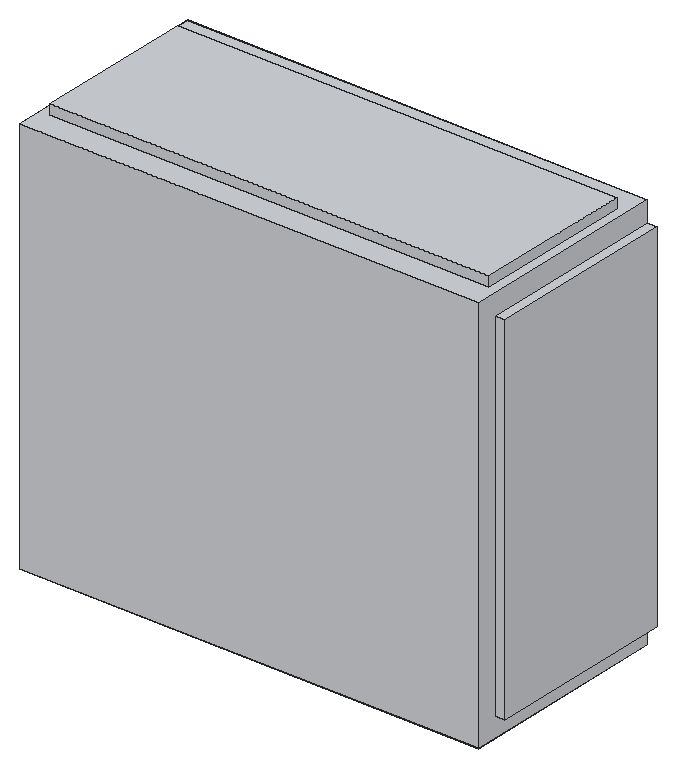
Revit family "M_Caixa de mistura", category Conexões de duto, Revit 2019
Family settings
  Cota do conector redondo = Utilizar diâmetro
  Tipo de parte = Tê
  Número OmniClass = 23.75.70.11.14.24
  Título OmniClass = Air Mixers
  ID de item do Seek = Mixing Box-0000-CAN-ENU
  Com base no plano de trabalho = Não
  Sempre na vertical = Sim
  Corte com vazios quando carregada = Não
  Compartilhado = Não
Parameters (values of type "0,6 metros quadrados")
  Largura de saída do ar de fornecimento = 1150 mm
  Altura de saída do ar de fornecimento = 1000 mm
  Largura da saída do ar de retorno = 1150 mm
  Altura da saída do ar de retorno = 1000 mm
  Espessura de revestimento = 0 mm
  Espessura do isolamento = 0 mm
  Largura da entrada de ar fresco = 1100 mm
  Altura da entrada de ar fresco = 400 mm
  Revestimento da largura da caixa = Largura da caixa - 2 * Espessura de revestimento  # 527 mm
  Isolamento da largura da caixa = Largura da caixa + 2 * Espessura do isolamento  # 527 mm
  Largura da caixa = Altura da entrada de ar fresco + 127 mm  # 527 mm
  Revestimento do comprimento da caixa = Comprimento da caixa - 2 * Espessura de revestimento  # 1150 mm
  Isolamento do comprimento da caixa = Comprimento da caixa + 2 * Espessura do isolamento  # 1150 mm
  Comprimento da caixa = Largura de saída do ar de fornecimento  # 1150 mm
  Revestimento da altura da caixa = Altura da caixa - 2 * Espessura de revestimento  # 1000 mm
  Isolamento da altura da caixa = Altura da caixa + 2 * Espessura do isolamento  # 1000 mm
  Altura da caixa = Altura de saída do ar de fornecimento  # 1000 mm
Types (14, lengths in mm): name | Largura de saída do ar de fornecimento | Altura de saída do ar de fornecimento | Largura da saída do ar de retorno | Altura da saída do ar de retorno | Largura da entrada de ar fresco | Altura da entrada de ar fresco | Revestimento da largura da caixa | Isolamento da largura da caixa | Largura da caixa | Revestimento do comprimento da caixa | Isolamento do comprimento da caixa | Comprimento da caixa | Revestimento da altura da caixa | Isolamento da altura da caixa | Altura da caixa
  (no name) | 1150 | 1000 | 1150 | 1000 | 1100 | 400 | 527 | 527 | 527 | 1150 | 1150 | 1150 | 1000 | 1000 | 1000
  0,6 metros quadrados | 1150 | 1000 | 1150 | 1000 | 1100 | 400 | 527 | 527 | 527 | 1150 | 1150 | 1150 | 1000 | 1000 | 1000
  0,7 metros quadrados | 1350 | 1050 | 1350 | 1050 | 1300 | 400 | 527 | 527 | 527 | 1350 | 1350 | 1350 | 1050 | 1050 | 1050
  0,9 metros quadrados | 1700 | 1050 | 1700 | 1050 | 1650 | 400 | 527 | 527 | 527 | 1700 | 1700 | 1700 | 1050 | 1050 | 1050
  1,1 metros quadrados | 1700 | 1250 | 1700 | 1250 | 1650 | 700 | 827 | 827 | 827 | 1700 | 1700 | 1700 | 1250 | 1250 | 1250
  1,3 metros quadrados | 1850 | 1250 | 1850 | 1250 | 1800 | 475 | 602 | 602 | 602 | 1850 | 1850 | 1850 | 1250 | 1250 | 1250
  1,6 metros quadrados | 2000 | 1300 | 2000 | 1300 | 1950 | 475 | 602 | 602 | 602 | 2000 | 2000 | 2000 | 1300 | 1300 | 1300
  2,0 metros quadrados | 2000 | 1550 | 2000 | 1550 | 1950 | 550 | 677 | 677 | 677 | 2000 | 2000 | 2000 | 1550 | 1550 | 1550
  2,3 metros quadrados | 2200 | 1550 | 2200 | 1550 | 2150 | 550 | 677 | 677 | 677 | 2200 | 2200 | 2200 | 1550 | 1550 | 1550
  2,8 metros quadrados | 2650 | 1550 | 2650 | 1550 | 2600 | 550 | 677 | 677 | 677 | 2650 | 2650 | 2650 | 1550 | 1550 | 1550
  3,3 metros quadrados | 2750 | 2850 | 2750 | 1850 | 2700 | 800 | 927 | 927 | 927 | 2750 | 2750 | 2750 | 2850 | 2850 | 2850
  3,7 metros quadrados | 2750 | 2000 | 2750 | 2000 | 2700 | 850 | 977 | 977 | 977 | 2750 | 2750 | 2750 | 2000 | 2000 | 2000
  4,6 metros quadrados | 2950 | 2250 | 2950 | 2250 | 2900 | 950 | 1077 | 1077 | 1077 | 2950 | 2950 | 2950 | 2250 | 2250 | 2250
  5,7 metros quadrados | 2950 | 2650 | 2950 | 2650 | 2900 | 1150 | 1277 | 1277 | 1277 | 2950 | 2950 | 2950 | 2650 | 2650 | 2650
Reference planes
  plane 1 "Centro (Frente/Trás)": y = 0
  plane 2: z = 0
  plane 3 "Centro (Esquerda/Direita)": x = 0
  plane 4: x = -575
  plane 5: x = 575
  plane 6: z = 500
  plane 7: z = 525.4
  plane 8: x = -600.4
  plane 9: z = -449.2
  plane 10: z = 449.2
  plane 11: x = 600.4
  plane 12: y = 266.7
  plane 13: y = 263.5
  plane 14: y = -212.7
  plane 15: x = -550
  plane 16: x = 550
  plane 17: y = 200
  plane 18: y = -200
  plane 19: z = -500
  plane 20: y = -263.5
  plane 21: x = -575
  plane 22: x = 575
  plane 23: x = -575
  plane 24: x = 575
  plane 25: y = 263.5
  plane 26: y = -263.5
  plane 27: y = 263.5
  plane 28: y = -263.5
  plane 29: z = 500
  plane 30: z = -500
  plane 31: z = 500
  plane 32: z = -500
  plane 33: y = 200
  plane 34: y = -200
  plane 35: y = -212.7
  plane 36: x = -550
  plane 37: x = 550
  plane 38: x = -600.4
  plane 39: x = 600.4
  plane 40: z = 525.4
  plane 41: z = 449.2
  plane 42: z = -449.2
  plane 43: y = 200
  plane 44: y = -200
  plane 45: x = -550
  plane 46: x = 550
  plane 47: x = -600.4
  plane 48: x = 600.4
  plane 49: y = -212.7
  plane 50: z = 525.4
  plane 51: z = 449.2
  plane 52: z = -449.2
Forms (mm)
  Extrusion 1, solid
    sketch origin (0, 0, 0) x (1, 0, 0) y (0, 0, 1)
      loop
        line (-575, 500) -> (-575, -500) -> (575, -500) -> (575, 500) -> (-575, 500)
    from -263.5 to 263.5
  Extrusion 2, solid, detail levels medium+fine
    sketch origin (0, 0, 0) x (1, 0, 0) y (0, 0, 1)
      loop
        line (-600.4, 449.2) -> (-600.4, -449.2) -> (-575, -449.2) -> (-575, 449.2) -> (-600.4, 449.2)
    from -263.5 to 212.7
  Extrusion 3, solid, detail levels medium+fine
    sketch origin (0, 0, 0) x (1, 0, 0) y (0, 0, 1)
      loop
        line (575, 449.2) -> (575, -449.2) -> (600.4, -449.2) -> (600.4, 449.2) -> (575, 449.2)
    from -263.5 to 212.7
  Extrusion 4, solid
    sketch origin (0, 0, 0) x (1, 0, 0) y (0, 0, 1)
      loop
        line (-550, 525.4) -> (-550, 500) -> (550, 500) -> (550, 525.4) -> (-550, 525.4)
    from -200 to 200
  Extrusion 5, solid
    sketch origin (0, 0, 0) x (1, 0, 0) y (0, 0, 1)
      loop
        line (-575, 500) -> (-575, -500) -> (575, -500) -> (575, 500) -> (-575, 500)
    from -263.5 to 263.5
  Extrusion 6, solid
    sketch origin (0, 0, 0) x (1, 0, 0) y (0, 0, 1)
      loop
        line (-575, 500) -> (-575, -500) -> (575, -500) -> (575, 500) -> (-575, 500)
    from -263.5 to 263.5
  Extrusion 7, solid
    sketch origin (0, 0, 0) x (1, 0, 0) y (0, 1, 0)
      loop
        line (-550, 200) -> (-550, -200) -> (550, -200) -> (550, 200) -> (-550, 200)
    from 500 to 525.4
  Extrusion 8, solid
    sketch origin (0, 0, 0) x (1, 0, 0) y (0, 1, 0)
      loop
        line (-600.4, 263.5) -> (-600.4, -212.7) -> (-575, -212.7) -> (-575, 263.5) -> (-600.4, 263.5)
    from -449.2 to 449.2
  Extrusion 9, solid
    sketch origin (0, 0, 0) x (1, 0, 0) y (0, 1, 0)
      loop
        line (575, 263.5) -> (575, -212.7) -> (600.4, -212.7) -> (600.4, 263.5) -> (575, 263.5)
    from -449.2 to 449.2
  Extrusion 10, solid
    sketch origin (0, 0, 0) x (1, 0, 0) y (0, 1, 0)
      loop
        line (-550, 200) -> (-550, -200) -> (550, -200) -> (550, 200) -> (-550, 200)
    from 500 to 525.4
Dimensions and locks
  equal spacing: plane 5, plane 3 "Centro (Esquerda/Direita)", plane 4
  "Comprimento da caixa": plane 5 to plane 4
  locked: plane 7 to plane 6 at 25.4
  locked: plane 4 to plane 8 at 25.4
  locked: plane 6 to plane 10 at 50.8
  locked: plane 11 to plane 5 at 25.4
  "Altura da caixa": plane 6 to plane 19
  equal spacing: plane 6, plane 2, plane 19
  plane 9 to plane 19 = 50.8 mm
  locked: plane 14 to plane 20 at 50.8
  equal spacing: plane 13, plane 1 "Centro (Frente/Trás)", plane 20
  "Largura da caixa": plane 13 to plane 20
  equal spacing: plane 21, plane 3 "Centro (Esquerda/Direita)", plane 22
  "Isolamento do comprimento da caixa": plane 21 to plane 22
  equal spacing: plane 23, plane 3 "Centro (Esquerda/Direita)", plane 24
  "Revestimento do comprimento da caixa": plane 23 to plane 24
  equal spacing: plane 25, plane 1 "Centro (Frente/Trás)", plane 26
  "Isolamento da largura da caixa": plane 25 to plane 26
  equal spacing: plane 27, plane 1 "Centro (Frente/Trás)", plane 28
  "Revestimento da largura da caixa": plane 27 to plane 28
  equal spacing: plane 29, plane 2, plane 30
  "Isolamento da altura da caixa": plane 29 to plane 30
  equal spacing: plane 31, plane 2, plane 32
  "Revestimento da altura da caixa": plane 31 to plane 32
  locked: plane 35 to plane 26 at 50.8
  locked: plane 38 to plane 21 at 25.4
  locked: plane 22 to plane 39 at 25.4
  locked: plane 40 to plane 29 at 25.4
  locked: plane 29 to plane 41 at 50.8
  locked: plane 42 to plane 30 at 50.8
  locked: plane 47 to plane 23 at 25.4
  locked: plane 24 to plane 48 at 25.4
  locked: plane 49 to plane 28 at 50.8
  locked: plane 50 to plane 31 at 25.4
  locked: plane 31 to plane 51 at 50.8
  locked: plane 52 to plane 32 at 50.8
  "Largura da entrada de ar fresco": plane 15 to plane 16
  "Espessura de revestimento": plane 15 to plane 45
  "Espessura de revestimento": plane 46 to plane 16
  "Espessura do isolamento": plane 36 to plane 15
  "Espessura do isolamento": plane 16 to plane 37
  equal spacing: plane 15, plane 3 "Centro (Esquerda/Direita)", plane 16
  "Altura da entrada de ar fresco": plane 17 to plane 18
  equal spacing: plane 17, plane 1 "Centro (Frente/Trás)", plane 18
  "Espessura do isolamento": plane 33 to plane 17
  "Espessura do isolamento": plane 34 to plane 18
  "Espessura de revestimento": plane 17 to plane 43
  "Espessura de revestimento": plane 18 to plane 44
  aligned and locked: Extrusion 1 sketch curve to plane 6
  aligned and locked: Extrusion 1 sketch curve to plane 5
  aligned and locked: Extrusion 1 sketch curve to plane 4
  aligned and locked: Extrusion 2 sketch curve to plane 10
  aligned and locked: Extrusion 2 sketch curve to plane 8
  aligned and locked: plane 9 to Extrusion 2 sketch curve
  aligned and locked: Extrusion 2 sketch curve to plane 4
  aligned and locked: Extrusion 3 sketch curve to plane 10
  aligned and locked: plane 11 to Extrusion 3 sketch curve
  aligned and locked: plane 9 to Extrusion 3 sketch curve
  aligned and locked: Extrusion 3 sketch curve to plane 5
  aligned and locked: plane 13 to Extrusion 2
  aligned and locked: Extrusion 2 to plane 14
  aligned and locked: plane 13 to Extrusion 3
  aligned and locked: Extrusion 3 to plane 14
  aligned and locked: Extrusion 4 sketch curve to plane 7
  aligned and locked: Extrusion 4 sketch curve to plane 15
  aligned and locked: plane 6 to Extrusion 4 sketch curve
  aligned and locked: plane 16 to Extrusion 4 sketch curve
  aligned and locked: plane 17 to Extrusion 4
  aligned and locked: plane 18 to Extrusion 4
  aligned and locked: plane 19 to Extrusion 1 sketch curve
  aligned and locked: Extrusion 1 to plane 20
  aligned and locked: plane 23 to Extrusion 5 sketch curve
  aligned and locked: Extrusion 5 sketch curve to plane 31
  aligned and locked: plane 32 to Extrusion 5 sketch curve
  aligned and locked: Extrusion 5 sketch curve to plane 24
  aligned and locked: plane 21 to Extrusion 6 sketch curve
  aligned and locked: Extrusion 6 sketch curve to plane 29
  aligned and locked: plane 30 to Extrusion 6 sketch curve
  aligned and locked: Extrusion 6 sketch curve to plane 22
  aligned and locked: Extrusion 6 to plane 26
  aligned and locked: plane 25 to Extrusion 6
  aligned and locked: plane 36 to Extrusion 7 sketch curve
  aligned and locked: Extrusion 7 sketch curve to plane 33
  aligned and locked: plane 34 to Extrusion 7 sketch curve
  aligned and locked: Extrusion 7 sketch curve to plane 37
  aligned and locked: plane 38 to Extrusion 8 sketch curve
  aligned and locked: Extrusion 8 sketch curve to plane 25
  aligned and locked: plane 35 to Extrusion 8 sketch curve
  aligned and locked: Extrusion 8 sketch curve to plane 21
  aligned and locked: plane 41 to Extrusion 8
  aligned and locked: Extrusion 8 to plane 42
  aligned and locked: Extrusion 6 to Extrusion 9 sketch curve  (x2)
  aligned and locked: plane 35 to Extrusion 9 sketch curve
  aligned and locked: Extrusion 9 sketch curve to plane 39
  aligned and locked: plane 41 to Extrusion 9
  aligned and locked: Extrusion 9 to plane 42
  aligned and locked: plane 45 to Extrusion 10 sketch curve
  aligned and locked: Extrusion 10 sketch curve to plane 43
  aligned and locked: plane 44 to Extrusion 10 sketch curve
  aligned and locked: Extrusion 10 sketch curve to plane 46
  aligned and locked: Extrusion 10 to plane 31
  aligned and locked: plane 7 to Extrusion 10
  aligned and locked: Extrusion 7 to plane 6
  aligned and locked: plane 7 to Extrusion 7
  aligned and locked: Extrusion 5 to Extrusion 2
  aligned and locked: Extrusion 1 to Extrusion 5
  aligned and locked: Extrusion 1 to Extrusion 2
Connectors
  hvac at (0, 0, 525.4), driven by "Altura da entrada de ar fresco", driven by "Largura da entrada de ar fresco"
    settings: on Extrusion 7, index 2, duct flow 0.0 L/s, flow factor 0, pres drop 0.0 Pa, loss coef 0, conn angle 0.00°, conn width 1100 mm, conn height 400 mm, conn diameter 609.6 mm, duct sys type 28, conn prof type 1, flow config 0, flow direction 1, loss method 0, conn ref index -1, conn util no, is conn primary no, conn desc ""
  hvac at (0, -263.5, 0), driven by "Altura de saída do ar de fornecimento", driven by "Largura de saída do ar de fornecimento"
    settings: on Extrusion 1, index 4, duct flow 0.0 L/s, flow factor 0, pres drop 0.0 Pa, loss coef 0, conn angle 0.00°, conn width 1150 mm, conn height 1000 mm, conn diameter 609.6 mm, duct sys type 28, conn prof type 1, flow config 0, flow direction 0, loss method 0, conn ref index -1, conn util no, is conn primary yes, conn desc ""
  hvac at (0, 263.5, 0), driven by "Altura da saída do ar de retorno", driven by "Largura da saída do ar de retorno"
    settings: on Extrusion 1, index 5, duct flow 0.0 L/s, flow factor 0, pres drop 0.0 Pa, loss coef 0, conn angle 0.00°, conn width 1150 mm, conn height 1000 mm, conn diameter 609.6 mm, duct sys type 28, conn prof type 1, flow config 0, flow direction 0, loss method 0, conn ref index -1, conn util no, is conn primary no, conn desc ""
